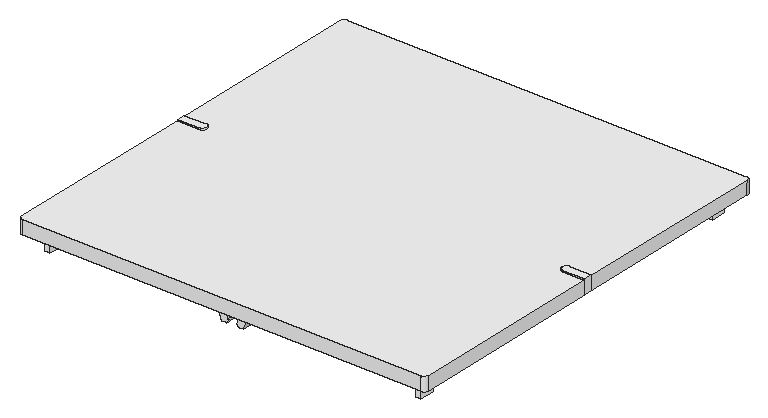
Revit family "Gira_5021219", category Electrical Fixtures, host Face, Revit 2017
Family settings
  Host = Face
  Maintain Annotation Orientation = No
  Round Connector Dimension = Use Diameter
  Part Type = Normal
  Cut with Voids When Loaded = No
  Shared = No
  Room Calculation Point = No
Parameters (values of type "rocker set 1-g PB sens.4 TS4 stainl.steel")
  URL = "https://www.gira.de/"
  Type Comments = ""
  Transparent = no
  Radio frequent bidirectional = no
  Model = ""
  Material quality = "Stainless steel"
  Material = "Metal"
  Manufacturer = "Gira"
  Keynote = ""
  HeinzeBIM = "https://www.heinze.de/bim/rocker-set-1-g-pb-sens-4-ts4-stainl-steel/5e98c3a4b44ece416c260158705ad795773040ce"
  HAN = "5021219"
  GTIN = "4010337072089"
  Description = ""
  Default Elevation = 1219.2 mm
  Cost = 0
  Colour = "Black"
  BIMSITE_PRODUCT_ID = "5e98c3a4b44ece416c260158705ad795773040ce"
  BIM = "https://media.live.bim.site/t/eyJhbGciOiJIUzI1NiIsInR5cCI6IkpXVCJ9.eyJjdCI6MSwidGYiOiJwdWJsaWMvZ2lyYS8wOWY1ZGI1LzQwXzUwMjEwMCBUUzQgV2lwcGVuc2V0IDFmYWNoLnJmYSIsImNpZCI6ImZlZDk4ZTlhLTFiZDgtNGM2OC1hNzNiLTc0YTk0ZTMxNTgyMyIsInJpZCI6ImQzYjllZTY1ZGI3ODc5ZDkwNmEyNjMzZDliNzhkMzU0IiwicGlkIjoiNWU5OGMzYTRiNDRlY2U0MTZjMjYwMTU4NzA1YWQ3OTU3NzMwNDBjZSIsInNpZCI6IjYzNDcwIiwidXQiOjUsImxjIjoiZW4iLCJpYXQiOjE2MDc0Mzg4NzEsImlzcyI6Imh0dHBzOi8vYXBpLmxpdmUuYmltLnNpdGUiLCJzdWIiOiI4ZDNhYTVjYi1lMDY2LTQ1OTgtYmUxNi02ZTE2ZWU3NDk1NmEifQ.oMjseR8GnDSb4mBZ24zUNaxw0tWNGkZyXGiXx_lne98/40_502100 TS4 Wippenset 1fach.rfa"
  Assembly Code = ""
Reference planes
  plane 1 "Center (Front/Back)": y = 0
  plane 2: z = 0
  plane 3 "Center (Left/Right)": x = 0
Lines and regions (mm)
  reference lines
    curve 1: line (0, 47.5, 0) -> (0, -47.5, 0)
Dimensions and locks
  aligned and locked: plane 2 to host face
  aligned and locked: level to host face
Nested families
  nested 1: "40_502100 TS4 Wippenset 1fach" at (0, 0, 0), type "40_502100 TS4 Wippenset 1fach"
Definition of nested family "40_502100 TS4 Wippenset 1fach"
  Parameters
    White = none
  Reference planes
    plane 1 "Center (Front/Back)": y = 0
    plane 2: z = 0
    plane 3 "Center (Left/Right)": x = 0
  Forms (mm)
    Extrusion 1, solid, material <- "White", detail levels fine
      sketch origin (0, 0, 0) x (1, 0, 0) y (0, 1, 0)
        loop
          arc (-46.5, 47.5) -> (-47.207, 47.207) -> (-47.5, 46.5) r 1
          line (-47.5, 46.5) -> (-47.5, 1) -> (-42.5, 1)
          arc (-42.5, 1) -> (-41.5, 0) -> (-42.5, -1) r 1
          line (-42.5, -1) -> (-47.5, -1) -> (-47.5, -46.5)
          arc (-47.5, -46.5) -> (-47.207, -47.207) -> (-46.5, -47.5) r 1
          line (-46.5, -47.5) -> (46.5, -47.5)
          arc (46.5, -47.5) -> (47.207, -47.207) -> (47.5, -46.5) r 1
          line (47.5, -46.5) -> (47.5, -1) -> (42.5, -1)
          arc (42.5, -1) -> (41.5, 0) -> (42.5, 1) r 1
          line (42.5, 1) -> (47.5, 1) -> (47.5, 46.5)
          arc (47.5, 46.5) -> (47.207, 47.207) -> (46.5, 47.5) r 1
          line (46.5, 47.5) -> (-46.5, 47.5)
      from 0 to 3.1
    Extrusion 2, solid, material <- "White", detail levels fine
      sketch origin (0, 0, 0) x (1, 0, 0) y (0, 1, 0)
        loop
          line (43.976, 44.188) -> (-43.976, 44.188) -> (-43.976, -44.188) -> (43.976, -44.188) -> (43.976, 44.188)
      from 0 to -1.5
    Extrusion 3, solid, detail levels fine
      sketch origin (0, 0, 0) x (1, 0, 0) y (0, 0, 1)
        loop
          arc (-1.639, -4) -> (-1.115, -3.694) -> (-1.122, -3.087) r 0.603
          arc (-1.122, -3.087) -> (-0.011, -1.666) -> (1.122, -3.087) r 1.145
          arc (1.122, -3.087) -> (1.115, -3.694) -> (1.639, -4) r 0.603
          line (1.639, -4) -> (2.5, -4) -> (3.5, -1.5) -> (-3.5, -1.5) -> (-2.5, -4) -> (-1.639, -4)
      from 41.985 to 44.199
    Extrusion 4, solid, detail levels fine
      sketch origin (0, 0, 0) x (1, 0, 0) y (0, 0, -1)
        loop
          line (-1.639, 4) -> (-2.5, 4) -> (-3.5, 1.5) -> (3.5, 1.5) -> (2.5, 4) -> (1.639, 4)
          arc (1.639, 4) -> (1.115, 3.694) -> (1.122, 3.087) r 0.603
          arc (1.122, 3.087) -> (-0.011, 1.666) -> (-1.122, 3.087) r 1.145
          arc (-1.122, 3.087) -> (-1.115, 3.694) -> (-1.639, 4) r 0.603
      from 41.985 to 44.199
    Extrusion 5, solid, material <- "White", detail levels medium
      sketch origin (0, 0, 0) x (1, 0, 0) y (0, 1, 0)
        loop
          line (43.976, 44.188) -> (-43.976, 44.188) -> (-43.976, -44.188) -> (43.976, -44.188) -> (43.976, 44.188)
      from 0 to -4
    Extrusion 6, solid, material <- "White", detail levels medium
      sketch origin (0, 0, 0) x (1, 0, 0) y (0, 1, 0)
        loop
          line (-47.5, 47.5) -> (-47.5, -47.5) -> (47.5, -47.5) -> (47.5, 47.5) -> (-47.5, 47.5)
      from 0 to 3.3
    Extrusion 7, solid, material <- "White", detail levels fine
      sketch origin (0, 0, 0) x (1, 0, 0) y (0, 1, 0)
        loop
          line (-43.976, 44.188) -> (-43.976, 40.908) -> (-42.655, 40.908) -> (-42.655, 44.188) -> (-43.976, 44.188)
        loop
          line (43.976, 44.188) -> (42.655, 44.188) -> (42.655, 40.908) -> (43.976, 40.908) -> (43.976, 44.188)
        loop
          line (-43.976, -44.188) -> (-42.655, -44.188) -> (-42.655, -40.908) -> (-43.976, -40.908) -> (-43.976, -44.188)
        loop
          line (43.976, -44.188) -> (43.976, -40.908) -> (42.655, -40.908) -> (42.655, -44.188) -> (43.976, -44.188)
      from 0 to -4
    Extrusion 8, solid, detail levels fine
      sketch origin (0, 0, 0) x (1, 0, 0) y (0, 1, 0)
        loop
          line (-47.5, 1) -> (-47.5, -1) -> (-42.5, -1)
          arc (-42.5, -1) -> (-41.5, 0) -> (-42.5, 1) r 1
          line (-42.5, 1) -> (-47.5, 1)
        loop
          line (47.5, 1) -> (42.5, 1)
          arc (42.5, 1) -> (41.5, 0) -> (42.5, -1) r 1
          line (42.5, -1) -> (47.5, -1) -> (47.5, 1)
      from 0 to 3.3
    Extrusion 9, solid, detail levels coarse
      sketch origin (0, 0, 0) x (1, 0, 0) y (0, 1, 0)
        loop
          line (-47.5, 47.5) -> (-47.5, -47.5) -> (47.5, -47.5) -> (47.5, 47.5) -> (-47.5, 47.5)
      from -4 to 3.3
    Extrusion 10, solid, material <- "White", detail levels fine
      sketch origin (0, 0, 0) x (1, 0, 0) y (0, 1, 0)
        loop
          line (-41.852, 6.181) -> (-43.976, 4.461) -> (-43.976, -4.461) -> (-41.852, -6.181)
          arc (-41.852, -6.181) -> (-38.884, -6.014) -> (-38.763, -3.043) r 2.212
          line (-38.763, -3.043) -> (-38.763, 3.043)
          arc (-38.763, 3.043) -> (-38.884, 6.014) -> (-41.852, 6.181) r 2.212
        loop
          arc (-39.415, 3.847) -> (-39.669, 5.38) -> (-41.223, 5.404) r 1.212
          line (-41.223, 5.404) -> (-42.938, 4.015) -> (-40.57, 1.883) -> (-39.415, 3.847)
        loop
          line (-39.415, -3.847) -> (-40.57, -1.883) -> (-42.938, -4.015) -> (-41.223, -5.404)
          arc (-41.223, -5.404) -> (-39.669, -5.38) -> (-39.415, -3.847) r 1.212
        loop
          arc (41.852, 6.181) -> (38.884, 6.014) -> (38.763, 3.043) r 2.212
          line (38.763, 3.043) -> (38.763, -3.043)
          arc (38.763, -3.043) -> (38.884, -6.014) -> (41.852, -6.181) r 2.212
          line (41.852, -6.181) -> (43.976, -4.461) -> (43.976, 4.461) -> (41.852, 6.181)
        loop
          line (39.415, 3.847) -> (40.57, 1.883) -> (42.938, 4.015) -> (41.223, 5.404)
          arc (41.223, 5.404) -> (39.669, 5.38) -> (39.415, 3.847) r 1.212
        loop
          arc (39.415, -3.847) -> (39.669, -5.38) -> (41.223, -5.404) r 1.212
          line (41.223, -5.404) -> (42.938, -4.015) -> (40.57, -1.883) -> (39.415, -3.847)
      from 0 to -3.1
  Cuts and joins
    joined: Extrusion 2, Extrusion 7, Extrusion 10
  Dimensions and locks
    aligned and locked: level to plane 2
